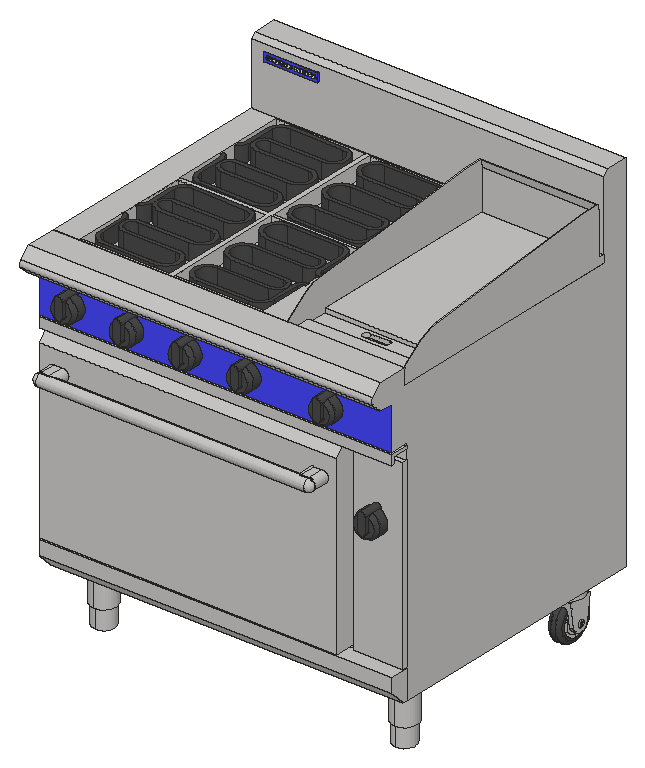
Revit family "QF_MOFFAT_BLUESEAL_CE_E506C", category Specialty Equipment, Revit 2012 (continued)
Definition of nested family "ELECTRIC BURNER 600 & GRIDDLE 300"
  Forms (mm)
    Extrusion 2, solid, material "QF_Finishes_Black"
      sketch origin (0, 15.7, 0) x (0, -1, 0) y (1, 0, 0)
        loop
          arc (60.914, 524.088) -> (35.349, 512.487) -> (25.45, 486.216) r 36.722
          line (25.45, 486.216) -> (25.45, 353.788)
          arc (25.45, 353.788) -> (63.15, 316.088) -> (100.85, 353.788) r 37.7
          line (100.85, 353.788) -> (100.85, 486.388)
          arc (100.85, 486.388) -> (118.55, 504.088) -> (136.25, 486.388) r 17.7
          line (136.25, 486.388) -> (136.25, 353.788)
          arc (136.25, 353.788) -> (173.95, 316.088) -> (211.65, 353.788) r 37.7
          line (211.65, 353.788) -> (211.65, 486.388)
          arc (211.65, 486.388) -> (229.35, 504.088) -> (247.05, 486.388) r 17.7
          line (247.05, 486.388) -> (247.05, 353.788)
          arc (247.05, 353.788) -> (284.75, 316.088) -> (322.45, 353.788) r 37.7
          line (322.45, 353.788) -> (322.45, 486.216)
          arc (322.45, 486.216) -> (312.551, 512.487) -> (286.986, 524.088) r 36.722
          line (286.986, 524.088) -> (215.719, 524.088)
          arc (215.719, 524.088) -> (206.91, 527.036) -> (201.232, 534.388) r 15.973
          line (201.232, 534.388) -> (190.819, 534.388)
          arc (190.819, 534.388) -> (199.705, 519.963) -> (215.596, 514.088) r 25.973
          line (215.596, 514.088) -> (286.804, 514.088)
          arc (286.804, 514.088) -> (305.355, 505.541) -> (312.45, 486.388) r 26.722
          line (312.45, 486.388) -> (312.45, 353.788)
          arc (312.45, 353.788) -> (284.75, 326.088) -> (257.05, 353.788) r 27.7
          line (257.05, 353.788) -> (257.05, 485.763)
          arc (257.05, 485.763) -> (229.35, 513.463) -> (201.65, 485.763) r 27.7
          line (201.65, 485.763) -> (201.65, 353.788)
          arc (201.65, 353.788) -> (173.95, 326.088) -> (146.25, 353.788) r 27.7
          line (146.25, 353.788) -> (146.25, 486.231)
          arc (146.25, 486.231) -> (118.55, 513.931) -> (90.85, 486.231) r 27.7
          line (90.85, 486.231) -> (90.85, 353.788)
          arc (90.85, 353.788) -> (63.15, 326.088) -> (35.45, 353.788) r 27.7
          line (35.45, 353.788) -> (35.45, 486.388)
          arc (35.45, 486.388) -> (42.545, 505.541) -> (61.096, 514.088) r 26.722
          line (61.096, 514.088) -> (132.304, 514.088)
          arc (132.304, 514.088) -> (148.172, 519.952) -> (156.993, 534.388) r 25.79
        loop
          line (469.581, 534.388) -> (459.168, 534.388)
          arc (459.168, 534.388) -> (453.49, 527.036) -> (444.681, 524.088) r 15.973
          line (444.681, 524.088) -> (373.414, 524.088)
          arc (373.414, 524.088) -> (347.849, 512.487) -> (337.95, 486.216) r 36.722
          line (337.95, 486.216) -> (337.95, 353.788)
          arc (337.95, 353.788) -> (375.65, 316.088) -> (413.35, 353.788) r 37.7
          line (413.35, 353.788) -> (413.35, 486.388)
          arc (413.35, 486.388) -> (431.05, 504.088) -> (448.75, 486.388) r 17.7
          line (448.75, 486.388) -> (448.75, 353.788)
          arc (448.75, 353.788) -> (486.45, 316.088) -> (524.15, 353.788) r 37.7
          line (524.15, 353.788) -> (524.15, 486.388)
          arc (524.15, 486.388) -> (541.85, 504.088) -> (559.55, 486.388) r 17.7
          line (559.55, 486.388) -> (559.55, 353.788)
          arc (559.55, 353.788) -> (597.25, 316.088) -> (634.95, 353.788) r 37.7
          line (634.95, 353.788) -> (634.95, 486.216)
          arc (634.95, 486.216) -> (625.051, 512.487) -> (599.486, 524.088) r 36.722
          line (599.486, 524.088) -> (528.207, 524.088)
          arc (528.207, 524.088) -> (519.162, 527.219) -> (513.588, 535) r 15.79
          line (513.588, 535) -> (503.282, 535)
          arc (503.282, 535) -> (511.987, 520.152) -> (528.096, 514.088) r 25.79
          line (528.096, 514.088) -> (599.304, 514.088)
          arc (599.304, 514.088) -> (617.855, 505.541) -> (624.95, 486.388) r 26.722
          line (624.95, 486.388) -> (624.95, 353.788)
          arc (624.95, 353.788) -> (597.25, 326.088) -> (569.55, 353.788) r 27.7
          line (569.55, 353.788) -> (569.55, 485.138)
          arc (569.55, 485.138) -> (541.85, 512.838) -> (514.15, 485.138) r 27.7
          line (514.15, 485.138) -> (514.15, 353.788)
          arc (514.15, 353.788) -> (486.45, 326.088) -> (458.75, 353.788) r 27.7
          line (458.75, 353.788) -> (458.75, 485.138)
          arc (458.75, 485.138) -> (431.05, 512.838) -> (403.35, 485.138) r 27.7
          line (403.35, 485.138) -> (403.35, 353.788)
          arc (403.35, 353.788) -> (375.65, 326.088) -> (347.95, 353.788) r 27.7
          line (347.95, 353.788) -> (347.95, 486.388)
          arc (347.95, 486.388) -> (355.045, 505.541) -> (373.596, 514.088) r 26.722
          line (373.596, 514.088) -> (444.804, 514.088)
          arc (444.804, 514.088) -> (460.695, 519.963) -> (469.581, 534.388) r 25.973
      from 0 to 40
  Lines and regions (mm)
    symbolic lines
      curve 1: line (0, -635, 0) -> (600, -635, 0)
      curve 2: line (0, -635, 0) -> (65.8, -635, 0)
      curve 3: line (65.8, -635, 0) -> (65.8, -320.251, 0)
      curve 4: line (65.8, -320.251, 0) -> (294.362, -320.251, 0)
      curve 5: line (294.362, -634.701, 0) -> (305.638, -634.701, 0)
      curve 6: line (305.638, -320.251, 0) -> (534.388, -320.251, 0)
      curve 7: line (534.388, -320.251, 0) -> (534.388, -635, 0)
      curve 8: line (534.388, -635, 0) -> (600, -635, 0)
      curve 9: line (353.788, -19.75, 0) -> (486.388, -19.75, 0)
      curve 10: arc (486.388, -19.75, 0) -> (505.541, -26.845, 0) -> (514.088, -45.396, 0) r 26.722
      curve 11: line (514.088, -45.396, 0) -> (514.088, -116.604, 0)
      curve 12: arc (514.088, -116.604, 0) -> (519.952, -132.472, 0) -> (534.388, -141.293, 0) r 25.79
      curve 13: line (534.388, -141.293, 0) -> (534.388, -130.9, 0)
      curve 14: arc (534.388, -130.9, 0) -> (527.028, -125.276, 0) -> (524.088, -116.493, 0) r 15.79
      curve 15: line (524.088, -116.493, 0) -> (524.088, -45.214, 0)
      curve 16: arc (524.088, -45.214, 0) -> (512.487, -19.649, 0) -> (486.216, -9.75, 0) r 36.722
      curve 17: line (486.216, -9.75, 0) -> (353.788, -9.75, 0)
      curve 18: arc (353.788, -9.75, 0) -> (316.088, -47.45, 0) -> (353.788, -85.15, 0) r 37.7
      curve 19: line (353.788, -85.15, 0) -> (486.388, -85.15, 0)
      curve 20: arc (486.388, -85.15, 0) -> (504.088, -102.85, 0) -> (486.388, -120.55, 0) r 17.7
      curve 21: line (486.388, -120.55, 0) -> (353.788, -120.55, 0)
      curve 22: arc (353.788, -120.55, 0) -> (316.088, -158.25, 0) -> (353.788, -195.95, 0) r 37.7
      curve 23: line (353.788, -195.95, 0) -> (486.388, -195.95, 0)
      curve 24: arc (486.388, -195.95, 0) -> (504.088, -213.65, 0) -> (486.388, -231.35, 0) r 17.7
      curve 25: line (486.388, -231.35, 0) -> (353.788, -231.35, 0)
      curve 26: arc (353.788, -231.35, 0) -> (316.088, -269.05, 0) -> (353.788, -306.75, 0) r 37.7
      curve 27: line (353.788, -306.75, 0) -> (486.216, -306.75, 0)
      curve 28: arc (486.216, -306.75, 0) -> (512.487, -296.851, 0) -> (524.088, -271.286, 0) r 36.722
      curve 29: line (524.088, -271.286, 0) -> (524.088, -200.019, 0)
      curve 30: arc (524.088, -200.019, 0) -> (527.036, -191.21, 0) -> (534.388, -185.532, 0) r 15.973
      curve 31: line (534.388, -185.532, 0) -> (534.388, -175.119, 0)
      curve 32: arc (534.388, -175.119, 0) -> (519.963, -184.005, 0) -> (514.088, -199.896, 0) r 25.973
      curve 33: line (514.088, -199.896, 0) -> (514.088, -271.104, 0)
      curve 34: arc (514.088, -271.104, 0) -> (505.541, -289.655, 0) -> (486.388, -296.75, 0) r 26.722
      curve 35: line (486.388, -296.75, 0) -> (353.788, -296.75, 0)
      curve 36: arc (353.788, -296.75, 0) -> (326.088, -269.05, 0) -> (353.788, -241.35, 0) r 27.7
      curve 37: line (353.788, -241.35, 0) -> (485.763, -241.35, 0)
      curve 38: arc (485.763, -241.35, 0) -> (513.463, -213.65, 0) -> (485.763, -185.95, 0) r 27.7
      curve 39: line (485.763, -185.95, 0) -> (353.788, -185.95, 0)
      curve 40: arc (353.788, -185.95, 0) -> (326.088, -158.25, 0) -> (353.788, -130.55, 0) r 27.7
      curve 41: line (353.788, -130.55, 0) -> (486.231, -130.55, 0)
      curve 42: arc (486.231, -130.55, 0) -> (513.931, -102.85, 0) -> (486.231, -75.15, 0) r 27.7
      curve 43: line (486.231, -75.15, 0) -> (353.788, -75.15, 0)
      curve 44: arc (353.788, -75.15, 0) -> (326.088, -47.45, 0) -> (353.788, -19.75, 0) r 27.7
      curve 45: line (113.612, -19.75, 0) -> (246.212, -19.75, 0)
      curve 46: arc (246.212, -19.75, 0) -> (273.912, -47.45, 0) -> (246.212, -75.15, 0) r 27.7
      curve 47: line (246.212, -75.15, 0) -> (113.769, -75.15, 0)
      curve 48: arc (113.769, -75.15, 0) -> (86.069, -102.85, 0) -> (113.769, -130.55, 0) r 27.7
      curve 49: line (113.769, -130.55, 0) -> (246.212, -130.55, 0)
      curve 50: arc (246.212, -130.55, 0) -> (273.912, -158.25, 0) -> (246.212, -185.95, 0) r 27.7
      curve 51: line (246.212, -185.95, 0) -> (114.237, -185.95, 0)
      curve 52: arc (114.237, -185.95, 0) -> (86.537, -213.65, 0) -> (114.237, -241.35, 0) r 27.7
      curve 53: line (114.237, -241.35, 0) -> (246.212, -241.35, 0)
      curve 54: arc (246.212, -241.35, 0) -> (273.912, -269.05, 0) -> (246.212, -296.75, 0) r 27.7
      curve 55: line (246.212, -296.75, 0) -> (113.612, -296.75, 0)
      curve 56: arc (113.612, -296.75, 0) -> (94.459, -289.655, 0) -> (85.912, -271.104, 0) r 26.722
      curve 57: line (85.912, -271.104, 0) -> (85.912, -199.896, 0)
      curve 58: arc (85.912, -199.896, 0) -> (80.037, -184.005, 0) -> (65.612, -175.119, 0) r 25.973
      curve 59: line (65.612, -175.119, 0) -> (65.612, -185.532, 0)
      curve 60: arc (65.612, -185.532, 0) -> (72.964, -191.21, 0) -> (75.912, -200.019, 0) r 15.973
      curve 61: line (75.912, -200.019, 0) -> (75.912, -271.286, 0)
      curve 62: arc (75.912, -271.286, 0) -> (87.513, -296.851, 0) -> (113.784, -306.75, 0) r 36.722
      curve 63: line (113.784, -306.75, 0) -> (246.212, -306.75, 0)
      curve 64: arc (246.212, -306.75, 0) -> (283.912, -269.05, 0) -> (246.212, -231.35, 0) r 37.7
      curve 65: line (246.212, -231.35, 0) -> (113.612, -231.35, 0)
      curve 66: arc (113.612, -231.35, 0) -> (95.912, -213.65, 0) -> (113.612, -195.95, 0) r 17.7
      curve 67: line (113.612, -195.95, 0) -> (246.212, -195.95, 0)
      curve 68: arc (246.212, -195.95, 0) -> (283.912, -158.25, 0) -> (246.212, -120.55, 0) r 37.7
      curve 69: line (246.212, -120.55, 0) -> (113.612, -120.55, 0)
      curve 70: arc (113.612, -120.55, 0) -> (95.912, -102.85, 0) -> (113.612, -85.15, 0) r 17.7
      curve 71: line (113.612, -85.15, 0) -> (246.212, -85.15, 0)
      curve 72: arc (246.212, -85.15, 0) -> (283.912, -47.45, 0) -> (246.212, -9.75, 0) r 37.7
      curve 73: line (246.212, -9.75, 0) -> (113.784, -9.75, 0)
      curve 74: arc (113.784, -9.75, 0) -> (87.513, -19.649, 0) -> (75.912, -45.214, 0) r 36.722
      curve 75: line (75.912, -45.214, 0) -> (75.912, -116.493, 0)
      curve 76: arc (75.912, -116.493, 0) -> (72.972, -125.276, 0) -> (65.612, -130.9, 0) r 15.79
      curve 77: line (65.612, -130.9, 0) -> (65.612, -141.293, 0)
      curve 78: arc (65.612, -141.293, 0) -> (80.048, -132.472, 0) -> (85.912, -116.604, 0) r 25.79
      curve 79: line (85.912, -116.604, 0) -> (85.912, -45.396, 0)
      curve 80: arc (85.912, -45.396, 0) -> (94.459, -26.845, 0) -> (113.612, -19.75, 0) r 26.722
      curve 81: line (246.212, -387.65, 0) -> (114.862, -387.65, 0)
      curve 82: arc (114.862, -387.65, 0) -> (87.162, -415.35, 0) -> (114.862, -443.05, 0) r 27.7
      curve 83: line (114.862, -443.05, 0) -> (246.212, -443.05, 0)
      curve 84: arc (246.212, -443.05, 0) -> (273.912, -470.75, 0) -> (246.212, -498.45, 0) r 27.7
      curve 85: line (246.212, -498.45, 0) -> (114.862, -498.45, 0)
      curve 86: arc (114.862, -498.45, 0) -> (87.162, -526.15, 0) -> (114.862, -553.85, 0) r 27.7
      curve 87: line (114.862, -553.85, 0) -> (246.212, -553.85, 0)
      curve 88: arc (246.212, -553.85, 0) -> (273.912, -581.55, 0) -> (246.212, -609.25, 0) r 27.7
      curve 89: line (246.212, -609.25, 0) -> (113.612, -609.25, 0)
      curve 90: arc (113.612, -609.25, 0) -> (94.459, -602.155, 0) -> (85.912, -583.604, 0) r 26.722
      curve 91: line (85.912, -583.604, 0) -> (85.912, -512.396, 0)
      curve 92: arc (85.912, -512.396, 0) -> (79.848, -496.287, 0) -> (65, -487.582, 0) r 25.79
      curve 93: line (65, -487.582, 0) -> (65, -497.888, 0)
      curve 94: arc (65, -497.888, 0) -> (72.781, -503.462, 0) -> (75.912, -512.507, 0) r 15.79
      curve 95: line (75.912, -512.507, 0) -> (75.912, -583.786, 0)
      curve 96: arc (75.912, -583.786, 0) -> (87.513, -609.351, 0) -> (113.784, -619.25, 0) r 36.722
      curve 97: line (113.784, -619.25, 0) -> (246.212, -619.25, 0)
      curve 98: arc (246.212, -619.25, 0) -> (283.912, -581.55, 0) -> (246.212, -543.85, 0) r 37.7
      curve 99: line (246.212, -543.85, 0) -> (113.612, -543.85, 0)
      curve 100: arc (113.612, -543.85, 0) -> (95.912, -526.15, 0) -> (113.612, -508.45, 0) r 17.7
      curve 101: line (113.612, -508.45, 0) -> (246.212, -508.45, 0)
      curve 102: arc (246.212, -508.45, 0) -> (283.912, -470.75, 0) -> (246.212, -433.05, 0) r 37.7
      curve 103: line (246.212, -433.05, 0) -> (113.612, -433.05, 0)
      curve 104: arc (113.612, -433.05, 0) -> (95.912, -415.35, 0) -> (113.612, -397.65, 0) r 17.7
      curve 105: line (113.612, -397.65, 0) -> (246.212, -397.65, 0)
      curve 106: arc (246.212, -397.65, 0) -> (283.912, -359.95, 0) -> (246.212, -322.25, 0) r 37.7
      curve 107: line (246.212, -322.25, 0) -> (113.784, -322.25, 0)
      curve 108: arc (113.784, -322.25, 0) -> (87.513, -332.149, 0) -> (75.912, -357.714, 0) r 36.722
      curve 109: line (75.912, -357.714, 0) -> (75.912, -428.981, 0)
      curve 110: arc (75.912, -428.981, 0) -> (72.964, -437.79, 0) -> (65.612, -443.468, 0) r 15.973
      curve 111: line (65.612, -443.468, 0) -> (65.612, -453.881, 0)
      curve 112: arc (65.612, -453.881, 0) -> (80.037, -444.995, 0) -> (85.912, -429.104, 0) r 25.973
      curve 113: line (85.912, -429.104, 0) -> (85.912, -357.896, 0)
      curve 114: arc (85.912, -357.896, 0) -> (94.459, -339.345, 0) -> (113.612, -332.25, 0) r 26.722
      curve 115: line (113.612, -332.25, 0) -> (246.212, -332.25, 0)
      curve 116: arc (246.212, -332.25, 0) -> (273.912, -359.95, 0) -> (246.212, -387.65, 0) r 27.7
      curve 117: line (353.788, -397.65, 0) -> (486.388, -397.65, 0)
      curve 118: arc (486.388, -397.65, 0) -> (504.088, -415.35, 0) -> (486.388, -433.05, 0) r 17.7
      curve 119: line (486.388, -433.05, 0) -> (353.788, -433.05, 0)
      curve 120: arc (353.788, -433.05, 0) -> (316.088, -470.75, 0) -> (353.788, -508.45, 0) r 37.7
      curve 121: line (353.788, -508.45, 0) -> (486.388, -508.45, 0)
      curve 122: arc (486.388, -508.45, 0) -> (504.088, -526.15, 0) -> (486.388, -543.85, 0) r 17.7
      curve 123: line (486.388, -543.85, 0) -> (353.788, -543.85, 0)
      curve 124: arc (353.788, -543.85, 0) -> (316.088, -581.55, 0) -> (353.788, -619.25, 0) r 37.7
      curve 125: line (353.788, -619.25, 0) -> (486.216, -619.25, 0)
      curve 126: arc (486.216, -619.25, 0) -> (512.487, -609.351, 0) -> (524.088, -583.786, 0) r 36.722
      curve 127: line (524.088, -583.786, 0) -> (524.088, -512.507, 0)
      curve 128: arc (524.088, -512.507, 0) -> (527.219, -503.462, 0) -> (535, -497.888, 0) r 15.79
      curve 129: line (535, -497.888, 0) -> (535, -487.582, 0)
      curve 130: arc (535, -487.582, 0) -> (520.152, -496.287, 0) -> (514.088, -512.396, 0) r 25.79
      curve 131: line (514.088, -512.396, 0) -> (514.088, -583.604, 0)
      curve 132: arc (514.088, -583.604, 0) -> (505.541, -602.155, 0) -> (486.388, -609.25, 0) r 26.722
      curve 133: line (486.388, -609.25, 0) -> (353.788, -609.25, 0)
      curve 134: arc (353.788, -609.25, 0) -> (326.088, -581.55, 0) -> (353.788, -553.85, 0) r 27.7
      curve 135: line (353.788, -553.85, 0) -> (485.138, -553.85, 0)
      curve 136: arc (485.138, -553.85, 0) -> (512.838, -526.15, 0) -> (485.138, -498.45, 0) r 27.7
      curve 137: line (485.138, -498.45, 0) -> (353.788, -498.45, 0)
      curve 138: arc (353.788, -498.45, 0) -> (326.088, -470.75, 0) -> (353.788, -443.05, 0) r 27.7
      curve 139: line (353.788, -443.05, 0) -> (485.138, -443.05, 0)
      curve 140: arc (485.138, -443.05, 0) -> (512.838, -415.35, 0) -> (485.138, -387.65, 0) r 27.7
      curve 141: line (485.138, -387.65, 0) -> (353.788, -387.65, 0)
      curve 142: arc (353.788, -387.65, 0) -> (326.088, -359.95, 0) -> (353.788, -332.25, 0) r 27.7
      curve 143: line (353.788, -332.25, 0) -> (486.388, -332.25, 0)
      curve 144: arc (486.388, -332.25, 0) -> (505.541, -339.345, 0) -> (514.088, -357.896, 0) r 26.722
      curve 145: line (514.088, -357.896, 0) -> (514.088, -429.104, 0)
      curve 146: arc (514.088, -429.104, 0) -> (519.963, -444.995, 0) -> (534.388, -453.881, 0) r 25.973
      curve 147: line (534.388, -453.881, 0) -> (534.388, -443.468, 0)
      curve 148: arc (534.388, -443.468, 0) -> (527.036, -437.79, 0) -> (524.088, -428.981, 0) r 15.973
      curve 149: line (524.088, -428.981, 0) -> (524.088, -357.714, 0)
      curve 150: arc (524.088, -357.714, 0) -> (512.487, -332.149, 0) -> (486.216, -322.25, 0) r 36.722
      curve 151: line (486.216, -322.25, 0) -> (353.788, -322.25, 0)
      curve 152: arc (353.788, -322.25, 0) -> (316.088, -359.95, 0) -> (353.788, -397.65, 0) r 37.7
      curve 153: line (0, 0, 0) -> (0, -635, 0)
      curve 154: line (0, -635, 0) -> (600, -635, 0)
      curve 155: line (600, -635, 0) -> (600, 0, 0)
      curve 156: line (600, 0, 0) -> (0, 0, 0)
      curve 157: line (65.8, -320.251, 0) -> (294.362, -320.251, 0)
      curve 158: line (294.362, -320.251, 0) -> (294.362, -630, 0)
      curve 159: line (294.362, -630, 0) -> (65.8, -630, 0)
      curve 160: line (65.8, -630, 0) -> (65.8, -320.251, 0)
      curve 161: line (305.638, -320.251, 0) -> (534.388, -320.251, 0)
      curve 162: line (534.388, -320.251, 0) -> (534.388, -630, 0)
      curve 163: line (534.388, -630, 0) -> (305.638, -630, 0)
      curve 164: line (305.638, -630, 0) -> (305.638, -320.251, 0)
      curve 165: line (305.638, -312.651, 0) -> (305.638, -5, 0)
      curve 166: line (305.638, -5, 0) -> (534.388, -5, 0)
      curve 167: line (534.388, -5, 0) -> (534.388, -312.651, 0)
      curve 168: line (534.388, -312.651, 0) -> (305.638, -312.651, 0)
      curve 169: line (65.8, -312.651, 0) -> (65.8, -5, 0)
      curve 170: line (65.8, -5, 0) -> (294.362, -5, 0)
      curve 171: line (294.362, -5, 0) -> (294.362, -312.651, 0)
      curve 172: line (294.362, -312.651, 0) -> (65.8, -312.651, 0)
  Dimensions and locks
    equal spacing: plane 3 "LEFT", plane 7 "Center Y", plane 4 "RIGHT"
    "Width": plane 3 "LEFT" to plane 4 "RIGHT"
    equal spacing: plane 5 "FRONT", plane 8 "Center X", plane 1 "BACK"
    "Depth": plane 5 "FRONT" to plane 1 "BACK"
    aligned and locked: level to plane 2
  Automatic sketch dimensions
    curve 10 to curve 16 = 0 mm  (x2)
    curve 12 to curve 14 = 0 mm  (x2)
    curve 18 to curve 44 = 0 mm  (x2)
    curve 22 to curve 40 = 0 mm  (x2)
    curve 26 to curve 36 = 0 mm  (x2)
    curve 28 to curve 34 = 0 mm  (x2)
    curve 30 to curve 32 = 0 mm  (x2)
    curve 46 to curve 72 = 0 mm  (x2)
    curve 50 to curve 68 = 0 mm  (x2)
    curve 54 to curve 64 = 0 mm  (x2)
    curve 56 to curve 62 = 0 mm  (x2)
    curve 58 to curve 60 = 0 mm  (x2)
    curve 74 to curve 80 = 0 mm  (x2)
    curve 76 to curve 78 = 0 mm  (x2)
    curve 84 to curve 102 = 0 mm  (x2)
    curve 88 to curve 98 = 0 mm  (x2)
    curve 90 to curve 96 = 0 mm  (x2)
    curve 92 to curve 94 = 0 mm  (x2)
    curve 106 to curve 116 = 0 mm  (x2)
    curve 108 to curve 114 = 0 mm  (x2)
    curve 110 to curve 112 = 0 mm  (x2)
    curve 120 to curve 138 = 0 mm  (x2)
    curve 124 to curve 134 = 0 mm  (x2)
    curve 126 to curve 132 = 0 mm  (x2)
    curve 128 to curve 130 = 0 mm  (x2)
    curve 142 to curve 152 = 0 mm  (x2)
    curve 144 to curve 150 = 0 mm  (x2)
    curve 146 to curve 148 = 0 mm  (x2)
    curve 154 to plane 3 "LEFT" = 0 mm
    plane 5 "FRONT" to curve 1 = 0 mm
    plane 1 "BACK" to curve 155 = 0 mm
    plane 3 "LEFT" to curve 110 = 59.946 mm
    plane 3 "LEFT" to curve 60 = 59.946 mm
    plane 3 "LEFT" to curve 78 = 60.128 mm
    plane 3 "LEFT" to curve 94 = 60.128 mm
    curve 92 to curve 94 = 4.872 mm
    curve 76 to curve 77 = 5.484 mm
    curve 110 to curve 112 = 5.667 mm
    curve 58 to curve 60 = 5.667 mm
    plane 8 "Center X" to curve 172 = 4.849 mm
    plane 3 "LEFT" to curve 172 = 65.8 mm
    curve 92 to curve 94 = 15.784 mm
    curve 169 to curve 74 = 10.112 mm
    curve 159 to curve 96 = 10.112 mm
    curve 169 to curve 61 = 10.112 mm
    curve 110 to curve 110 = 15.967 mm
    curve 60 to curve 57 = 10 mm
    curve 110 to curve 112 = 10 mm
    curve 74 to curve 80 = 10 mm
    curve 95 to curve 90 = 10 mm
    curve 113 to curve 114 = 26.701 mm
    curve 91 to curve 96 = 26.701 mm
    curve 57 to curve 56 = 26.701 mm
    curve 91 to curve 101 = 27.7 mm
    curve 74 to curve 71 = 0.999 mm
    curve 56 to curve 65 = 0.999 mm
    curve 112 to curve 103 = 27.7 mm
    curve 74 to curve 80 = 0.999 mm
    curve 108 to curve 114 = 0.999 mm
    curve 56 to curve 55 = 0.999 mm
    curve 90 to curve 90 = 0.999 mm
    curve 69 to curve 48 = 0.156 mm
    curve 89 to curve 97 = 0.172 mm
    curve 55 to curve 63 = 0.172 mm
    curve 45 to curve 73 = 0.172 mm
    curve 108 to plane 8 "Center X" = 4.75 mm
    curve 115 to curve 108 = 0.172 mm
    curve 66 to curve 52 = 0.625 mm
    curve 99 to curve 87 = 1.25 mm
    curve 104 to curve 82 = 1.25 mm
    curve 89 to plane 5 "FRONT" = 25.75 mm
    curve 89 to curve 89 = 132.6 mm
    curve 55 to curve 54 = 132.6 mm
    curve 51 to curve 64 = 0 mm
    curve 47 to curve 68 = 0 mm
    curve 101 to curve 99 = 0 mm
    curve 105 to curve 103 = 0 mm
    curve 64 to curve 171 = 48.15 mm
    curve 4 to plane 8 "Center X" = 2.751 mm
    curve 4 to curve 171 = 0 mm
    curve 5 to plane 5 "FRONT" = 0.299 mm
    curve 5 to curve 158 = 0 mm
    plane 8 "Center X" to curve 168 = 4.849 mm
    plane 1 "BACK" to curve 165 = 5 mm
    curve 170 to curve 165 = 11.275 mm
    curve 164 to plane 8 "Center X" = 2.751 mm
    curve 164 to curve 165 = 0 mm
    curve 5 to curve 163 = 0 mm
    curve 165 to curve 44 = 48.15 mm
    curve 163 to curve 134 = 48.15 mm
    curve 6 to curve 152 = 48.15 mm
    curve 137 to curve 124 = 0 mm
    curve 41 to curve 18 = 0 mm
    curve 37 to curve 22 = 0 mm
    plane 7 "Center Y" to curve 136 = 35.138 mm
    plane 7 "Center Y" to curve 139 = 35.138 mm
    plane 7 "Center Y" to curve 39 = 35.763 mm
    plane 1 "BACK" to curve 16 = 9.75 mm
    plane 7 "Center Y" to curve 16 = 36.216 mm
    curve 151 to plane 8 "Center X" = 4.75 mm
    curve 27 to curve 150 = 0 mm
    curve 126 to plane 5 "FRONT" = 15.75 mm
    plane 7 "Center Y" to curve 126 = 36.216 mm
    curve 140 to curve 119 = 1.25 mm
    curve 137 to curve 122 = 1.25 mm
    curve 150 to curve 143 = 0.172 mm
    curve 42 to curve 20 = 0.156 mm
    curve 39 to curve 24 = 0.625 mm
    curve 27 to curve 35 = 0.172 mm
    curve 16 to curve 10 = 0.172 mm
    curve 125 to curve 132 = 0.172 mm
    curve 143 to curve 144 = 0.999 mm
    curve 132 to curve 132 = 0.999 mm
    curve 10 to curve 16 = 0.999 mm
    curve 34 to curve 28 = 0.999 mm
    curve 28 to curve 33 = 26.701 mm
    curve 121 to curve 130 = 27.7 mm
    curve 20 to curve 12 = 27.7 mm
    curve 119 to curve 146 = 27.7 mm
    curve 10 to curve 10 = 26.701 mm
    curve 145 to curve 149 = 10 mm
    curve 131 to curve 126 = 10 mm
    curve 33 to curve 29 = 10 mm
    curve 10 to curve 16 = 10 mm
    curve 15 to curve 167 = 10.3 mm
    curve 14 to curve 13 = 10.3 mm
    curve 125 to curve 8 = 48.172 mm
    curve 29 to curve 31 = 10.3 mm
    curve 148 to curve 148 = 10.3 mm
    curve 127 to curve 130 = 10.912 mm
    curve 127 to curve 130 = 15.784 mm
    curve 13 to curve 14 = 5.484 mm
    curve 148 to curve 148 = 15.967 mm
    curve 29 to curve 32 = 15.967 mm
    curve 7 to curve 154 = 65.612 mm
    curve 162 to plane 5 "FRONT" = 5 mm
    curve 5 to curve 159 = 4.701 mm
    curve 125 to curve 134 = 10 mm
    curve 90 to curve 95 = 25.464 mm
    curve 132 to curve 126 = 25.464 mm
    curve 133 to curve 124 = 27.7 mm
    curve 89 to curve 88 = 27.7 mm
    curve 99 to curve 100 = 17.7 mm
    curve 123 to curve 136 = 17.7 mm
    curve 136 to curve 122 = 0 mm
    curve 100 to curve 86 = 0 mm
    curve 128 to curve 122 = 4.457 mm
    curve 94 to curve 100 = 4.457 mm
    curve 92 to curve 95 = 0.4 mm
    curve 128 to curve 127 = 0.4 mm
    curve 127 to curve 131 = 0.111 mm
    curve 94 to curve 91 = 0.111 mm
    curve 137 to curve 138 = 27.7 mm
    curve 93 to curve 112 = 33.7 mm
    curve 146 to curve 148 = 10.413 mm
    curve 112 to curve 110 = 10.413 mm
    curve 147 to curve 140 = 0.418 mm
    curve 83 to curve 103 = 10 mm
    curve 148 to curve 146 = 14.364 mm
    curve 110 to curve 112 = 14.364 mm
    curve 103 to curve 82 = 17.7 mm
    curve 119 to curve 118 = 17.7 mm
    curve 140 to curve 118 = 0 mm
    curve 104 to curve 82 = 0 mm
    curve 116 to curve 116 = 27.7 mm
    curve 144 to curve 145 = 1.058 mm
    curve 114 to curve 108 = 0.182 mm
    curve 144 to curve 149 = 0.182 mm
    plane 8 "Center X" to curve 27 = 10.75 mm
    plane 8 "Center X" to curve 62 = 10.75 mm
    curve 63 to curve 54 = 10 mm
    curve 27 to curve 36 = 10 mm
    curve 35 to curve 26 = 27.7 mm
    curve 54 to curve 54 = 27.7 mm
    curve 56 to curve 52 = 28.696 mm
    curve 28 to curve 38 = 28.696 mm
    curve 65 to curve 66 = 17.7 mm
    curve 25 to curve 38 = 17.7 mm
    curve 38 to curve 24 = 0 mm
    curve 66 to curve 52 = 0 mm
    curve 30 to curve 24 = 4.516 mm
    curve 58 to curve 66 = 4.516 mm
    curve 58 to curve 61 = 0.447 mm
    curve 30 to curve 29 = 0.447 mm
    curve 60 to curve 57 = 0.123 mm
    curve 29 to curve 32 = 0.123 mm
    curve 50 to curve 68 = 27.7 mm
    curve 58 to curve 77 = 33.826 mm
    curve 77 to curve 76 = 10.393 mm
    curve 12 to curve 14 = 10.393 mm
    curve 13 to curve 42 = 0.35 mm
    curve 76 to curve 79 = 14.296 mm
    curve 13 to curve 12 = 14.296 mm
    curve 20 to curve 42 = 17.7 mm
    curve 69 to curve 70 = 17.7 mm
    curve 42 to curve 20 = 0 mm
    curve 70 to curve 48 = 0 mm
    curve 43 to curve 18 = 27.7 mm
    curve 46 to curve 46 = 27.7 mm
    curve 74 to curve 79 = 1.058 mm
    curve 11 to curve 16 = 0.182 mm
    curve 79 to curve 75 = 0.182 mm
    plane 1 "BACK" to curve 171 = 5 mm
    plane 1 "BACK" to Extrusion 1 sketch curve = 0 mm
    Extrusion 1 sketch curve to plane 9 = 0 mm  (x2)
    Extrusion 1 sketch curve to plane 3 "LEFT" = 0 mm
    plane 5 "FRONT" to Extrusion 1 sketch curve = 0 mm
    plane 1 "BACK" to Extrusion 1 sketch curve = 5 mm  (x2)
    plane 8 "Center X" to Extrusion 1 sketch curve = 4.849 mm  (x2)
    Extrusion 1 sketch curve to plane 8 "Center X" = 2.751 mm  (x2)
    Extrusion 1 sketch curve to plane 5 "FRONT" = 5 mm  (x2)
    Extrusion 1 sketch curve to plane 7 "Center Y" = 155.638 mm
    Extrusion 1 sketch curve to Extrusion 1 sketch curve = 0 mm  (x3)
    Extrusion 1 sketch curve to Extrusion 1 sketch curve = 11.275 mm
    plane 7 "Center Y" to Extrusion 1 sketch curve = 84.388 mm
    Extrusion 1 sketch curve to Extrusion 1 sketch curve = 65.612 mm
    Extrusion 2 sketch curve to Extrusion 2 sketch curve = 0 mm  (x72)
    plane 1 "BACK" to Extrusion 2 sketch curve = 9.75 mm  (x2)
    Extrusion 2 sketch curve to Extrusion 2 sketch curve = 10 mm  (x4)
    plane 1 "BACK" to Extrusion 2 sketch curve = 45.214 mm  (x2)
    Extrusion 2 sketch curve to Extrusion 2 sketch curve = 0.182 mm  (x8)
    Extrusion 2 sketch curve to Extrusion 2 sketch curve = 26.704 mm  (x7)
    Extrusion 2 sketch curve to Extrusion 2 sketch curve = 1.058 mm  (x5)
    Extrusion 2 sketch curve to Extrusion 2 sketch curve = 27.7 mm  (x14)
    Extrusion 2 sketch curve to Extrusion 2 sketch curve = 17.7 mm  (x8)
    Extrusion 2 sketch curve to Extrusion 2 sketch curve = 4.457 mm  (x2)
    Extrusion 2 sketch curve to Extrusion 2 sketch curve = 0.4 mm  (x3)
    Extrusion 2 sketch curve to Extrusion 2 sketch curve = 0.111 mm  (x4)
    Extrusion 2 sketch curve to Extrusion 2 sketch curve = 14.806 mm  (x2)
    Extrusion 2 sketch curve to Extrusion 2 sketch curve = 10.393 mm  (x2)
    Extrusion 2 sketch curve to Extrusion 2 sketch curve = 33.826 mm  (x2)
    Extrusion 2 sketch curve to Extrusion 2 sketch curve = 10.413 mm  (x4)
    Extrusion 2 sketch curve to Extrusion 2 sketch curve = 14.364 mm  (x2)
    Extrusion 2 sketch curve to Extrusion 2 sketch curve = 0.123 mm  (x4)
    Extrusion 2 sketch curve to Extrusion 2 sketch curve = 0.447 mm  (x3)
    Extrusion 2 sketch curve to Extrusion 2 sketch curve = 14.934 mm  (x3)
    Extrusion 2 sketch curve to plane 8 "Center X" = 4.75 mm  (x2)
    Extrusion 2 sketch curve to plane 8 "Center X" = 40.214 mm  (x2)
    Extrusion 2 sketch curve to Extrusion 2 sketch curve = 4.516 mm  (x2)
    Extrusion 2 sketch curve to Extrusion 2 sketch curve = 33.7 mm  (x2)
    Extrusion 2 sketch curve to Extrusion 2 sketch curve = 10.306 mm  (x2)
    Extrusion 2 sketch curve to Extrusion 2 sketch curve = 14.508 mm  (x2)
    Extrusion 2 sketch curve to Extrusion 2 sketch curve = 15.019 mm
    plane 3 "LEFT" to Extrusion 2 sketch curve = 59.946 mm  (x2)
    plane 3 "LEFT" to Extrusion 2 sketch curve = 60.128 mm  (x2)
    Extrusion 2 sketch curve to Extrusion 2 sketch curve = 4.872 mm
    Extrusion 2 sketch curve to Extrusion 2 sketch curve = 5.667 mm  (x2)
    Extrusion 2 sketch curve to Extrusion 2 sketch curve = 5.484 mm
    Extrusion 2 sketch curve to Extrusion 2 sketch curve = 26.701 mm  (x4)
    Extrusion 2 sketch curve to Extrusion 2 sketch curve = 0.999 mm  (x6)
    Extrusion 2 sketch curve to Extrusion 2 sketch curve = 0.156 mm  (x2)
    Extrusion 2 sketch curve to Extrusion 2 sketch curve = 0.625 mm  (x2)
    Extrusion 2 sketch curve to Extrusion 2 sketch curve = 1.25 mm  (x4)
    Extrusion 2 sketch curve to Extrusion 2 sketch curve = 132.6 mm
    Extrusion 2 sketch curve to Extrusion 2 sketch curve = 132.428 mm
    Extrusion 2 sketch curve to plane 7 "Center Y" = 96.212 mm  (x3)
    plane 7 "Center Y" to Extrusion 2 sketch curve = 35.138 mm  (x2)
    plane 7 "Center Y" to Extrusion 2 sketch curve = 35.763 mm
    plane 7 "Center Y" to Extrusion 2 sketch curve = 36.216 mm  (x3)
    plane 7 "Center Y" to Extrusion 2 sketch curve = 36.231 mm
    Extrusion 2 sketch curve to Extrusion 2 sketch curve = 0.172 mm  (x4)
  Nested families
    nested 1: "ELECTRIC GRIDDLE PLATE 300" at (600, -15, 0), type "ELECTRIC GRIDDLE PLATE 300"
      with Width 300 mm, Type Mark "", Status "", Specification by User "", Show Clearance yes, Revision Code "", Number of Poles 1, Mechanical Remarks "", Mechanical Connection Type "", Item Number "", Installed By "", Identify Quantity as Lot yes, Gas RI Height 0 mm, Gas KW 0, Gas Input 0.0 Btu/h, Furnished By "", Foodservice Equipment Identifier yes, Electrical Remarks "", Electric Connection Type "", Elec Conn RI Height 0 mm, Elec Conn Connection Height 0 mm, Depth 620 mm
  Definition of nested family "ELECTRIC GRIDDLE PLATE 300"
    Parameters (values of type "ELECTRIC GRIDDLE PLATE 300")
      Width [instance] = 300 mm
      Weight in Pounds = 0
      Watts = 0 W
      Volts = 0 V
      URL Cutsheet = ""
      Type Mark [instance] = ""
      Status [instance] = ""
      Specification by User [instance] = ""
      Specification by Manufacturer = ""
      Show Clearance [instance] = yes
      Serial Number = ""
      Seismic Rating = ""
      SMACNA No = ""
      Revision Code [instance] = ""
      Phase = 1
      Omniclass Number and Title = ""
      Number of Poles [instance] = 1
      NAFEM Spec ID Number = ""
      Min Ckt Ampacity = 0 A
      Mechanical Remarks [instance] = ""
      Mechanical Connection Type [instance] = ""
      Max Overcurrent Protection = 0 A
      Masterspec = ""
      Item Number [instance] = ""
      Installed By [instance] = ""
      Identify Quantity as Lot [instance] = yes
      HP = ""
      Gas Size = 0"
      Gas RI Height [instance] = 0 mm
      Gas KW [instance] = 0
      Gas Input [instance] = 0.0 Btu/h
      Gas Connection Height = 0 mm
      Furnished By [instance] = ""
      Foodservice Equipment Identifier [instance] = yes
      FL Amps = 0 A
      Electrical Remarks [instance] = ""
      Electric Connection Type [instance] = ""
      Elec Conn RI Height [instance] = 0 mm
      Elec Conn Connection Height [instance] = 0 mm
      Depth [instance] = 620 mm
      Cycle = 0 Hz
      Conn Plug = ""
      Conn Conduit = yes
      CSI MasterFormat = ""
      CSI Master Format = ""
      Apparent Power = if(Phase = 3, Volts * FL Amps * 1.73, Volts * FL Amps)  # 0 VA
    Reference planes
      plane 1 "BACK": y = 0
      plane 2: z = 0
      plane 3 "LEFT": x = 0
      plane 4 "RIGHT": x = 300
      plane 5 "FRONT": y = -620
      plane 6 "TOP": z = 142.5
      plane 7 "Center Y": x = 150
      plane 8 "Center X": y = -310
      plane 9: y = -530.997
      plane 10: y = -541.497
      plane 11: y = -503.25
      plane 12: y = -557.737
    Forms (mm)
      Extrusion 1, solid, material "QF_Finishes_Stainless Steel"
        sketch origin (0, 70.003, -874.5) x (0, 1, 0) y (0, 0, 1)
          loop
            line (-70, 875) -> (-70, 997.489) -> (-75.228, 1017) -> (-117.24, 1017) -> (-589.533, 971.523)
            arc (-589.533, 971.523) -> (-614.56, 965.803) -> (-637.306, 953.899) r 100
            line (-637.306, 953.899) -> (-690.003, 917) -> (-690.003, 875) -> (-70, 875)
        from 0 to 1.8
      Extrusion 2, solid, material "QF_Finishes_Stainless Steel"
        sketch origin (600, 70.003, -874.5) x (0, -1, 0) y (0, 0, 1)
          loop
            line (70, 875) -> (690.003, 875) -> (690.003, 917) -> (637.306, 953.899)
            arc (637.306, 953.899) -> (614.56, 965.803) -> (589.533, 971.523) r 100
            line (589.533, 971.523) -> (117.24, 1017) -> (75.228, 1017) -> (70, 997.489) -> (70, 875)
        from 300 to 301.2
      Extrusion 3, solid, material "QF_Finishes_Stainless Steel"
        sketch origin (150, 70.003, -874.5) x (0, 1, 0) y (0, 0, 1)
          loop
            line (-55, 895) -> (-573.253, 895) -> (-573.253, 884.5) -> (-627.74, 884.5) -> (-627.74, 895) -> (-690.003, 895) -> (-690.003, 875) -> (-55, 875) -> (-55, 895)
        from -150 to 150
      Extrusion 4, void
        sketch origin (150, -541.497, 10) x (0, -1, 0) y (1, 0, 0)
          loop
            arc (-7.497, 25) -> (-17.497, 35) -> (-27.497, 25) r 10
            line (-27.497, 25) -> (-27.497, -25)
            arc (-27.497, -25) -> (-17.497, -35) -> (-7.497, -25) r 10
            line (-7.497, -25) -> (-7.497, 25)
        from -41.4 to 40.142
      Extrusion 5, solid, material "QF_Finishes_Stainless Steel"
        sketch origin (0, 70.003, -874.5) x (0, 1, 0) y (0, 0, 1)
          loop
            line (-70, 875) -> (-70, 997.489) -> (-75.228, 1017) -> (-76.884, 1017) -> (-71.6, 997.278) -> (-71.6, 875) -> (-70, 875)
        from 0 to 298.8
    Cuts and joins
      Extrusion 4 cuts Extrusion 3
      joined: Extrusion 1, Extrusion 2, Extrusion 3, Extrusion 5
    Lines and regions (mm)
      symbolic lines
        curve 1: line (300, -503.25, 0) -> (1.8, -503.25, 0)
        curve 2: line (1.8, -557.737, 0) -> (300, -557.737, 0)
        curve 3: line (0, -1.68, 0) -> (300, -1.68, 0)
        curve 4: line (0, -620, 0) -> (300, -620, 0)
        curve 5: arc (175, -534, 0) -> (185, -524, 0) -> (175, -514, 0) r 10
        curve 6: line (175, -514, 0) -> (125, -514, 0)
        curve 7: arc (125, -514, 0) -> (115, -524, 0) -> (125, -534, 0) r 10
        curve 8: line (125, -534, 0) -> (175, -534, 0)
        curve 9: line (300, 15.003, 0) -> (0, 15.003, 0)
        curve 10: line (300, -620, 0) -> (300, 15.003, 0)
        curve 11: line (0, 15.003, 0) -> (0, -620, 0)
    Dimensions and locks
      equal spacing: plane 3 "LEFT", plane 7 "Center Y", plane 4 "RIGHT"
      "Width": plane 3 "LEFT" to plane 4 "RIGHT"
      equal spacing: plane 5 "FRONT", plane 8 "Center X", plane 1 "BACK"
      "Depth": plane 5 "FRONT" to plane 1 "BACK"
      locked: Extrusion 2 to Extrusion 2 at 1.2
      equal spacing: Extrusion 4 sketch curve, plane 7 "Center Y", Extrusion 4 sketch curve, locked at 35 each
      aligned and locked: level to plane 2
      aligned and locked: Extrusion 2 to plane 4 "RIGHT"
      aligned and locked: curve 1 to plane 11
      aligned and locked: plane 12 to curve 2
      aligned and locked: Extrusion 5 to cut or joined group of Extrusion 1, Extrusion 2, Extrusion 3, Extrusion 4, Extrusion 5
      aligned and locked: cut or joined group of Extrusion 1, Extrusion 2, Extrusion 3, Extrusion 4, Extrusion 5 to plane 3 "LEFT"
    Automatic sketch dimensions
      plane 11 to curve 6 = 10.75 mm
      curve 6 to plane 7 "Center Y" = 25 mm
      plane 7 "Center Y" to curve 5 = 25 mm
      curve 8 to curve 5 = 20 mm
      Extrusion 1 sketch curve to plane 5 "FRONT" = 0 mm
      Extrusion 1 sketch curve to plane 6 "TOP" = 0 mm
      plane 12 to Extrusion 1 sketch curve = 9.566 mm
      plane 11 to Extrusion 1 sketch curve = 16.28 mm
      Extrusion 1 sketch curve to level = 2.516 mm
      plane 11 to Extrusion 1 sketch curve = 6.695 mm
      plane 1 "BACK" to Extrusion 1 sketch curve = 47.237 mm
      plane 1 "BACK" to Extrusion 1 sketch curve = 5.225 mm
      Extrusion 1 sketch curve to plane 1 "BACK" = 0.003 mm
      level to Extrusion 1 sketch curve = 0.5 mm
      Extrusion 1 sketch curve to Extrusion 1 sketch curve = 42 mm
      Extrusion 1 sketch curve to plane 6 "TOP" = 63.101 mm
      Extrusion 1 sketch curve to plane 6 "TOP" = 19.511 mm
      Extrusion 2 sketch curve to plane 6 "TOP" = 0 mm
      Extrusion 2 sketch curve to plane 5 "FRONT" = 0 mm
      plane 12 to Extrusion 2 sketch curve = 9.566 mm
      plane 11 to Extrusion 2 sketch curve = 16.28 mm
      Extrusion 2 sketch curve to level = 2.516 mm
      plane 11 to Extrusion 2 sketch curve = 6.695 mm
      plane 1 "BACK" to Extrusion 2 sketch curve = 47.237 mm
      plane 1 "BACK" to Extrusion 2 sketch curve = 5.225 mm
      Extrusion 2 sketch curve to plane 1 "BACK" = 0.003 mm
      level to Extrusion 2 sketch curve = 0.5 mm
      Extrusion 2 sketch curve to Extrusion 2 sketch curve = 42 mm
      Extrusion 2 sketch curve to plane 6 "TOP" = 63.101 mm
      Extrusion 2 sketch curve to plane 6 "TOP" = 19.511 mm
      Extrusion 3 sketch curve to plane 5 "FRONT" = 0 mm
      Extrusion 3 sketch curve to plane 12 = 0 mm
      Extrusion 3 sketch curve to plane 11 = 0 mm
      Extrusion 3 sketch curve to plane 1 "BACK" = 15.003 mm
      level to Extrusion 3 sketch curve = 0.5 mm
      level to Extrusion 3 sketch curve = 10 mm
      Extrusion 3 sketch curve to Extrusion 3 sketch curve = 10.5 mm  (x2)
      plane 11 to Extrusion 4 sketch curve = 10.75 mm
      Extrusion 4 sketch curve to Extrusion 4 sketch curve = 10 mm
      Extrusion 4 sketch curve to plane 7 "Center Y" = 25 mm
      plane 1 "BACK" to Extrusion 5 sketch curve = 5.225 mm
      Extrusion 5 sketch curve to plane 1 "BACK" = 0.003 mm
      Extrusion 5 sketch curve to plane 6 "TOP" = 19.511 mm
      Extrusion 5 sketch curve to Extrusion 5 sketch curve = 1.6 mm
      Extrusion 5 sketch curve to Extrusion 5 sketch curve = 0.211 mm
      Extrusion 5 sketch curve to plane 6 "TOP" = 0 mm
      Extrusion 5 sketch curve to Extrusion 5 sketch curve = 1.656 mm
      level to Extrusion 5 sketch curve = 0.5 mm
      plane 4 "RIGHT" to curve 3 = 0 mm
      plane 4 "RIGHT" to curve 2 = 0 mm
      plane 4 "RIGHT" to curve 9 = 0 mm
      plane 4 "RIGHT" to curve 1 = 0 mm
      plane 5 "FRONT" to curve 11 = 0 mm
      plane 3 "LEFT" to curve 2 = 1.8 mm
      plane 3 "LEFT" to curve 9 = 0 mm
      plane 3 "LEFT" to curve 1 = 1.8 mm
      curve 11 to plane 1 "BACK" = 15.003 mm
      plane 1 "BACK" to curve 3 = 1.68 mm
